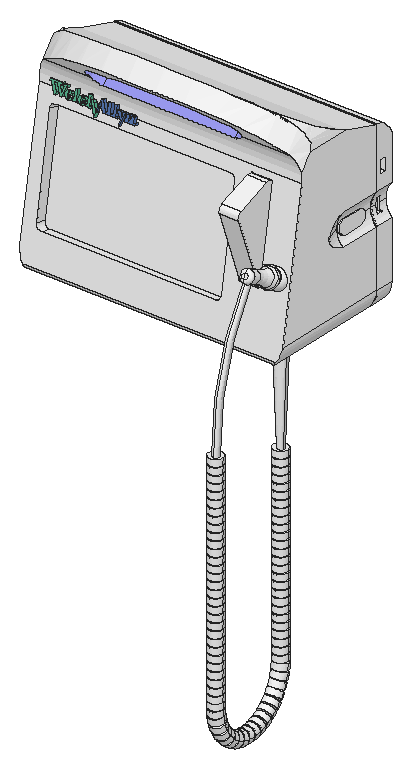
Revit family "Medical_All_Hill-Rom_Connex-Vital-Signs-Monitor", category Specialty Equipment, Revit 2015 (continued)
Forms (in)
  Extrusion 165, solid, material "Plastic-Hill-Rom-Light Green_logo" <- "Logo Material_Green", detail levels fine
    sketch origin (-29.93284, -12.13715, -53.42421) x (1, 0, 0) y (0, 0.173648, 0.984808)
      loop
        arc (28.12012, 55.80328) -> (28.10524, 55.77745) -> (28.07791, 55.76556) r 0.04753
        arc (28.07791, 55.76556) -> (28.0564, 55.77141) -> (28.04717, 55.7917) r 0.02622
        line (28.04717, 55.7917) -> (28.04717, 55.88425)
        arc (28.04717, 55.88425) -> (28.06462, 55.89743) -> (28.08235, 55.88461) r 0.0184
        line (28.08235, 55.88461) -> (28.08235, 55.84725) -> (28.14029, 55.84725)
        arc (28.14029, 55.84725) -> (28.12758, 55.88382) -> (28.09691, 55.90745) r 0.06772
        arc (28.09691, 55.90745) -> (28.06073, 55.91211) -> (28.02559, 55.90227) r 0.09156
      loop
        arc (28.24099, 55.88497) -> (28.26069, 55.88452) -> (28.27354, 55.86958) r 0.02421
        line (28.27354, 55.86958) -> (28.35782, 55.61154) -> (28.38773, 55.6979) -> (28.33412, 55.86279)
        arc (28.33412, 55.86279) -> (28.3103, 55.89313) -> (28.27354, 55.90486) r 0.06566
        line (28.27354, 55.90486) -> (28.24099, 55.90486) -> (28.24099, 55.99227) -> (28.18605, 55.98824) -> (28.18605, 55.782) -> (28.15469, 55.782) -> (28.15469, 55.74641) -> (28.27235, 55.74641) -> (28.27235, 55.782) -> (28.24099, 55.782) -> (28.24099, 55.88497)
    from 0 to 0.0625
  Extrusion 166, solid, material "Plastic-Hill-Rom-Light Blue_logo" <- "Logo Material_Blue", detail levels fine
    sketch origin (-30.3399, -12.0887, -53.14943) x (1, 0, 0) y (0, 0.173648, 0.984808)
      loop
        line (28.86973, 55.71019) -> (28.7912, 55.48645) -> (28.80426, 55.44621) -> (28.83366, 55.53109) -> (28.90706, 55.53109) -> (28.92722, 55.46355) -> (29.24756, 55.46355) -> (29.24756, 55.50298) -> (29.21619, 55.50298) -> (29.21619, 55.59003) -> (29.24971, 55.59003) -> (29.31323, 55.45211) -> (29.28327, 55.37707) -> (29.29465, 55.33308) -> (29.39587, 55.59003) -> (29.43306, 55.59003) -> (29.43306, 55.50298) -> (29.40162, 55.50298) -> (29.40162, 55.46345) -> (29.63392, 55.46345) -> (29.63392, 55.50298) -> (29.60256, 55.50298) -> (29.60256, 55.59647)
        arc (29.60256, 55.59647) -> (29.59713, 55.61278) -> (29.58541, 55.62537) r 0.04051
        arc (29.58541, 55.62537) -> (29.56004, 55.63183) -> (29.53394, 55.62965) r 0.07909
        arc (29.53394, 55.62965) -> (29.5105, 55.61463) -> (29.49431, 55.59199) r 0.07373
        line (29.49431, 55.59199) -> (29.49431, 55.62561) -> (29.21619, 55.62561) -> (29.21619, 55.70331) -> (29.154, 55.69875) -> (29.154, 55.50298) -> (29.10099, 55.50298) -> (29.10099, 55.70331) -> (29.03879, 55.69875) -> (29.03879, 55.50298) -> (28.99227, 55.50298) -> (28.92173, 55.71019) -> (28.86973, 55.71019)
      loop
        line (29.49411, 55.50298) -> (29.54151, 55.50298) -> (29.54151, 55.58863)
        arc (29.54151, 55.58863) -> (29.52803, 55.5975) -> (29.51286, 55.59201) r 0.018
        arc (29.51286, 55.59201) -> (29.49904, 55.56983) -> (29.49411, 55.54417) r 0.07147
        line (29.49411, 55.54417) -> (29.49411, 55.50298)
      loop
        line (29.3673, 55.59003) -> (29.31688, 55.59003) -> (29.34394, 55.52749) -> (29.3673, 55.59003)
      loop
        line (28.87308, 55.64491) -> (28.8412, 55.55287) -> (28.90056, 55.55287) -> (28.87308, 55.64491)
    from 0 to 0.0625
  Extrusion 167, solid, material "Plastic-Hill-Rom-Light Green_logo" <- "Logo Material_Green", not visible, detail levels fine
    sketch origin (-17.1503, -1.98791, 0.75) x (1, 0, 0) y (0, 0, 1)
      loop
        line (27.46839, 55.74742) -> (27.50617, 55.74742) -> (27.52203, 55.79839) -> (27.46145, 55.95908) -> (27.51596, 55.95908) -> (27.59105, 55.74742) -> (27.62848, 55.74742) -> (27.70438, 55.95908) -> (27.73684, 55.95908) -> (27.73684, 55.99467) -> (27.64479, 55.99467) -> (27.64479, 55.95908) -> (27.67702, 55.95908) -> (27.6312, 55.83237) -> (27.58719, 55.95908) -> (27.61942, 55.95908) -> (27.61942, 55.99467) -> (27.3538, 55.99467) -> (27.3538, 55.95908) -> (27.38603, 55.95908) -> (27.46839, 55.74742)
      loop
        arc (27.74147, 55.7462) -> (27.79347, 55.74032) -> (27.84177, 55.76046) r 0.10417
        arc (27.84177, 55.76046) -> (27.8537, 55.77346) -> (27.86177, 55.78915) r 0.06614
        line (27.86177, 55.78915) -> (27.83399, 55.80328)
        arc (27.83399, 55.80328) -> (27.81911, 55.77745) -> (27.79178, 55.76556) r 0.04753
        arc (27.79178, 55.76556) -> (27.77027, 55.77141) -> (27.76103, 55.7917) r 0.02622
        line (27.76103, 55.7917) -> (27.76103, 55.83077) -> (27.85287, 55.83077)
        arc (27.85287, 55.83077) -> (27.84587, 55.87682) -> (27.81078, 55.90745) r 0.06772
        arc (27.81078, 55.90745) -> (27.7746, 55.91211) -> (27.73946, 55.90227) r 0.09156
        arc (27.73946, 55.90227) -> (27.71071, 55.87625) -> (27.69575, 55.84048) r 0.08904
        arc (27.69575, 55.84048) -> (27.69437, 55.8212) -> (27.69632, 55.80196) r 0.11226
        arc (27.69632, 55.80196) -> (27.71156, 55.76814) -> (27.74147, 55.7462) r 0.07284
      loop
        arc (27.79622, 55.88461) -> (27.77849, 55.89743) -> (27.76103, 55.88425) r 0.0184
        line (27.76103, 55.88425) -> (27.76103, 55.84725) -> (27.79622, 55.84725) -> (27.79622, 55.88461)
      loop
        line (27.89788, 55.98824) -> (27.89788, 55.782) -> (27.86262, 55.782) -> (27.86262, 55.74641) -> (27.98028, 55.74641) -> (27.98028, 55.782) -> (27.94892, 55.782) -> (27.94892, 55.99198) -> (27.89788, 55.98824)
      loop
        arc (28.02559, 55.90227) -> (27.99684, 55.87625) -> (27.98188, 55.84048) r 0.08904
        arc (27.98188, 55.84048) -> (27.9805, 55.8212) -> (27.98245, 55.80196) r 0.11226
        arc (27.98245, 55.80196) -> (27.99769, 55.76814) -> (28.0276, 55.7462) r 0.07284
        arc (28.0276, 55.7462) -> (28.07144, 55.73949) -> (28.11409, 55.75161) r 0.10417
        arc (28.11409, 55.75161) -> (28.13472, 55.76703) -> (28.1479, 55.78915) r 0.06614
        line (28.1479, 55.78915) -> (28.12012, 55.80328)
        arc (28.12012, 55.80328) -> (28.10524, 55.77745) -> (28.07791, 55.76556) r 0.04753
        arc (28.07791, 55.76556) -> (28.0564, 55.77141) -> (28.04717, 55.7917) r 0.02622
        line (28.04717, 55.7917) -> (28.04717, 55.88425)
        arc (28.04717, 55.88425) -> (28.06462, 55.89743) -> (28.08235, 55.88461) r 0.0184
        line (28.08235, 55.88461) -> (28.08235, 55.84725) -> (28.14029, 55.84725)
        arc (28.14029, 55.84725) -> (28.12758, 55.88382) -> (28.09691, 55.90745) r 0.06772
        arc (28.09691, 55.90745) -> (28.06073, 55.91211) -> (28.02559, 55.90227) r 0.09156
      loop
        arc (28.24099, 55.88497) -> (28.26069, 55.88452) -> (28.27354, 55.86958) r 0.02421
        line (28.27354, 55.86958) -> (28.35782, 55.61154) -> (28.38773, 55.6979) -> (28.33412, 55.86279)
        arc (28.33412, 55.86279) -> (28.3103, 55.89313) -> (28.27354, 55.90486) r 0.06566
        line (28.27354, 55.90486) -> (28.24099, 55.90486) -> (28.24099, 55.99227) -> (28.18605, 55.98824) -> (28.18605, 55.782) -> (28.15469, 55.782) -> (28.15469, 55.74641) -> (28.27235, 55.74641) -> (28.27235, 55.782) -> (28.24099, 55.782) -> (28.24099, 55.88497)
    from 0 to 0.0625
  Extrusion 168, solid, material "Plastic-Hill-Rom-Light Blue_logo" <- "Logo Material_Blue", not visible, detail levels fine
    sketch origin (-17.55736, -1.98791, 1.02902) x (1, 0, 0) y (0, 0, 1)
      loop
        line (28.86973, 55.71019) -> (28.7912, 55.48645) -> (28.80426, 55.44621) -> (28.83366, 55.53109) -> (28.90706, 55.53109) -> (28.92722, 55.46355) -> (29.24756, 55.46355) -> (29.24756, 55.50298) -> (29.21619, 55.50298) -> (29.21619, 55.59003) -> (29.24971, 55.59003) -> (29.31323, 55.45211) -> (29.28327, 55.37707) -> (29.29465, 55.33308) -> (29.39587, 55.59003) -> (29.43306, 55.59003) -> (29.43306, 55.50298) -> (29.40162, 55.50298) -> (29.40162, 55.46345) -> (29.63392, 55.46345) -> (29.63392, 55.50298) -> (29.60256, 55.50298) -> (29.60256, 55.59647)
        arc (29.60256, 55.59647) -> (29.59713, 55.61278) -> (29.58541, 55.62537) r 0.04051
        arc (29.58541, 55.62537) -> (29.56004, 55.63183) -> (29.53394, 55.62965) r 0.07909
        arc (29.53394, 55.62965) -> (29.5105, 55.61463) -> (29.49431, 55.59199) r 0.07373
        line (29.49431, 55.59199) -> (29.49431, 55.62561) -> (29.21619, 55.62561) -> (29.21619, 55.70331) -> (29.154, 55.69875) -> (29.154, 55.50298) -> (29.10099, 55.50298) -> (29.10099, 55.70331) -> (29.03879, 55.69875) -> (29.03879, 55.50298) -> (28.99227, 55.50298) -> (28.92173, 55.71019) -> (28.86973, 55.71019)
      loop
        line (29.49411, 55.50298) -> (29.54151, 55.50298) -> (29.54151, 55.58863)
        arc (29.54151, 55.58863) -> (29.52803, 55.5975) -> (29.51286, 55.59201) r 0.018
        arc (29.51286, 55.59201) -> (29.49904, 55.56983) -> (29.49411, 55.54417) r 0.07147
        line (29.49411, 55.54417) -> (29.49411, 55.50298)
      loop
        line (29.3673, 55.59003) -> (29.31688, 55.59003) -> (29.34394, 55.52749) -> (29.3673, 55.59003)
      loop
        line (28.87308, 55.64491) -> (28.8412, 55.55287) -> (28.90056, 55.55287) -> (28.87308, 55.64491)
    from 0 to 0.0625
  Extrusion 169, void
    sketch origin (0, 0, 0) x (0, 1, 0) y (0, 0, 1)
      loop
        circle (-0.65985, -0.51924) r 0.07624
      loop
        circle (-0.75376, 0.15551) r 0.07624
    from -3.19532 to -2.66818
  Extrusion 170, void
    sketch origin (0, 0, 0) x (0, 1, 0) y (0, 0, 1)
      loop
        line (-0.31995, 0.8192) -> (-0.15632, 0.8192) -> (-0.15632, 1.10621) -> (-0.31995, 1.10621) -> (-0.31995, 0.8192)
      loop
        line (-0.27854, 0.30289) -> (-0.27854, -0.019) -> (-0.15632, -0.019) -> (-0.15632, 0.30289) -> (-0.27854, 0.30289)
    from 3.09696 to 2.63948
  Extrusion 171, void
    sketch origin (0, 0, 0) x (1, 0, 0) y (0, 0, 1)
      loop
        line (-0.82343, -1.62891) -> (-0.69671, -1.62891) -> (-0.59233, -1.52453) -> (-0.59233, -1.37121) -> (-0.69671, -1.26684) -> (-0.82343, -1.26684) -> (-0.82343, -1.62891)
    from -1.67063 to 0.15632
Cuts and joins
  Extrusion 154, Extrusion 155, Extrusion 157, Sweep 158, Extrusion 160, Extrusion 169, Extrusion 170, Extrusion 171 cuts Extrusion 153
  Extrusion 169 cuts Extrusion 159
Lines and regions (in)
  symbolic lines
    curve 1: line (-2.84449, 0, 0) -> (2.84449, 0, 0)
    curve 2: line (-2.84449, -3, 0) -> (-2.84449, 0, 0)
    curve 4: line (2.84449, 0, 0) -> (2.84449, -3, 0)
  symbolic lines, detail levels coarse
    curve 3: line (2.84449, -3, 0) -> (-2.84449, -3, 0)
  symbolic lines, detail levels medium+fine
    curve 5: arc (-1.73331, -2.69898, 0) -> (-2.31055, -2.44703, 0) -> (-2.84449, -2.11296, 0) r 4.27277
    curve 6: arc (-1.73331, -2.69898, 0) -> (-0.87435, -2.87184, 0) -> (0, -2.92861, 0) r 6.55577
    curve 7: arc (1.73331, -2.69898, 0) -> (2.31055, -2.44703, 0) -> (2.84449, -2.11296, 0) r 4.27277
    curve 8: arc (1.73331, -2.69898, 0) -> (0.87435, -2.87184, 0) -> (0, -2.92861, 0) r 6.55577
    curve 9: arc (-1.84528, -2.96599, 0) -> (-0.93089, -3.15397, 0) -> (0.00059, -3.21575, 0) r 6.84291
    curve 10: arc (-1.84528, -2.96599, 0) -> (-2.36027, -2.74648, 0) -> (-2.84449, -2.46554, 0) r 4.56183
    curve 11: arc (1.81918, -2.97518, 0) -> (2.34789, -2.75265, 0) -> (2.84449, -2.46554, 0) r 4.56183
    curve 12: arc (1.81918, -2.97518, 0) -> (0.91746, -3.15771, 0) -> (-0.00059, -3.21767, 0) r 6.84483
    curve 13: line (-2.84449, -3, 0) -> (-2.75051, -3.02283, 0)
    curve 14: line (-2.75051, -3.02283, 0) -> (-1.62679, -3.02283, 0)
    curve 17: spline (-1.50242, -2.48618, 0) -> (-1.55656, -2.46691, 0) -> (-1.60365, -2.43766, 0) -> (-1.6411, -2.40004, 0) -> (-1.66682, -2.35614, 0) -> (-1.67938, -2.3084, 0) -> (-1.6781, -2.25946, 0) -> (-1.66304, -2.21202, 0) -> (-1.63504, -2.16872, 0) -> (-1.59565, -2.13196, 0) -> (-1.54705, -2.10377, 0) -> (-1.49193, -2.08571, 0) -> (-1.43335, -2.07879, 0)
    curve 18: line (-1.43335, -2.07879, 0) -> (1.44247, -2.07879, 0)
    curve 19: spline (1.44247, -2.07879, 0) -> (1.50097, -2.08567, 0) -> (1.55593, -2.10368, 0) -> (1.60429, -2.13184, 0) -> (1.64337, -2.16858, 0) -> (1.67103, -2.21188, 0) -> (1.68571, -2.25932, 0) -> (1.68662, -2.3083, 0) -> (1.6737, -2.35609, 0) -> (1.64766, -2.40005, 0) -> (1.60995, -2.43776, 0) -> (1.56266, -2.46711, 0) -> (1.5084, -2.48649, 0)
    curve 20: spline (1.5084, -2.48649, 0) -> (1.26194, -2.53516, 0) -> (1.01307, -2.57511, 0) -> (0.76225, -2.60625, 0) -> (0.50997, -2.62853, 0) -> (0.25671, -2.6419, 0) -> (0.00296, -2.64635, 0) -> (-0.25078, -2.64185, 0) -> (-0.50403, -2.62842, 0) -> (-0.7563, -2.60609, 0) -> (-1.00711, -2.5749, 0) -> (-1.25598, -2.5349, 0) -> (-1.50242, -2.48618, 0)
    curve 21: line (2.84449, -1.22094, 0) -> (2.23123, -2.48781, 0)
    curve 22: line (-2.25294, -2.47686, 0) -> (-2.84449, -1.22094, 0)
  symbolic lines, detail levels medium
    curve 15: line (2.84449, -3, 0) -> (2.75051, -3.02283, 0)
    curve 16: line (2.75051, -3.02283, 0) -> (1.63492, -3.02283, 0)
  symbolic lines, detail levels fine
    curve 23: spline (2.30981, -3.4748, 0) -> (2.31051, -3.47171, 0) -> (2.31313, -3.46849, 0) -> (2.31764, -3.46519, 0) -> (2.32397, -3.46183, 0) -> (2.33206, -3.45846, 0) -> (2.3418, -3.45513, 0) -> (2.35307, -3.45187, 0) -> (2.36574, -3.44872, 0) -> (2.37964, -3.44574, 0) -> (2.3946, -3.44294, 0) -> (2.41044, -3.44036, 0) -> (2.42696, -3.43805, 0)
    curve 24: line (2.30552, -3.42574, 0) -> (2.42696, -3.41512, 0)
    curve 25: line (2.4322, -3.28918, 0) -> (2.29463, -3.30122, 0)
    curve 26: spline (2.43152, -3.26881, 0) -> (2.4128, -3.26988, 0) -> (2.39457, -3.27052, 0) -> (2.37711, -3.27071, 0) -> (2.36067, -3.27046, 0) -> (2.3455, -3.26976, 0) -> (2.33182, -3.26862, 0) -> (2.31983, -3.26707, 0) -> (2.30971, -3.26513, 0) -> (2.30162, -3.26282, 0) -> (2.29566, -3.26017, 0) -> (2.29194, -3.25724, 0) -> (2.2905, -3.25406, 0)
    curve 27: spline (2.27977, -3.13142, 0) -> (2.28113, -3.13451, 0) -> (2.28462, -3.13736, 0) -> (2.29021, -3.13994, 0) -> (2.2978, -3.14221, 0) -> (2.30731, -3.14415, 0) -> (2.31859, -3.14572, 0) -> (2.33149, -3.1469, 0) -> (2.34583, -3.14768, 0) -> (2.36141, -3.14805, 0) -> (2.37802, -3.148, 0) -> (2.39543, -3.14753, 0) -> (2.41339, -3.14665, 0)
    curve 28: spline (2.40864, -3.1288, 0) -> (2.39095, -3.12889, 0) -> (2.37381, -3.12824, 0) -> (2.35745, -3.12686, 0) -> (2.34209, -3.12477, 0) -> (2.32793, -3.12199, 0) -> (2.31517, -3.11857, 0) -> (2.30398, -3.11455, 0) -> (2.2945, -3.10999, 0) -> (2.28687, -3.10494, 0) -> (2.28118, -3.09947, 0) -> (2.27752, -3.09366, 0) -> (2.27593, -3.08758, 0)
    curve 29: spline (2.32487, -3.64689, 0) -> (2.32525, -3.64118, 0) -> (2.32737, -3.63539, 0) -> (2.33121, -3.62957, 0) -> (2.33672, -3.62379, 0) -> (2.34384, -3.61812, 0) -> (2.3525, -3.61262, 0) -> (2.36259, -3.60735, 0) -> (2.374, -3.60237, 0) -> (2.38661, -3.59773, 0) -> (2.40028, -3.5935, 0) -> (2.41484, -3.5897, 0) -> (2.43014, -3.5864, 0)
    curve 30: spline (2.42071, -3.56307, 0) -> (2.40621, -3.56542, 0) -> (2.39244, -3.56796, 0) -> (2.37954, -3.57066, 0) -> (2.36764, -3.5735, 0) -> (2.35686, -3.57644, 0) -> (2.34732, -3.57947, 0) -> (2.33912, -3.58253, 0) -> (2.33233, -3.58561, 0) -> (2.32703, -3.58867, 0) -> (2.32328, -3.59169, 0) -> (2.32111, -3.59462, 0) -> (2.32054, -3.59743, 0)
    curve 31: spline (2.33934, -3.81226, 0) -> (2.3398, -3.80186, 0) -> (2.34298, -3.7914, 0) -> (2.34883, -3.78106, 0) -> (2.35724, -3.77104, 0) -> (2.36807, -3.7615, 0) -> (2.38112, -3.75261, 0) -> (2.39617, -3.74452, 0) -> (2.41295, -3.73738, 0) -> (2.43117, -3.73132, 0) -> (2.45051, -3.72643, 0) -> (2.47063, -3.72281, 0) -> (2.49117, -3.72052, 0)
    curve 32: spline (2.6466, -3.73665, 0) -> (2.64615, -3.73392, 0) -> (2.64528, -3.73122, 0) -> (2.644, -3.72858, 0) -> (2.64231, -3.72599, 0) -> (2.64022, -3.72347, 0) -> (2.63772, -3.72102, 0) -> (2.63483, -3.71865, 0) -> (2.63156, -3.71637, 0) -> (2.6279, -3.71417, 0) -> (2.62388, -3.71208, 0) -> (2.61951, -3.71008, 0) -> (2.61479, -3.70819, 0)
    curve 33: spline (2.66027, -3.89285, 0) -> (2.65955, -3.88807, 0) -> (2.65824, -3.88336, 0) -> (2.65634, -3.87873, 0) -> (2.65387, -3.87422, 0) -> (2.65082, -3.86982, 0) -> (2.64722, -3.86557, 0) -> (2.64307, -3.86147, 0) -> (2.63839, -3.85754, 0) -> (2.63321, -3.8538, 0) -> (2.62753, -3.85026, 0) -> (2.62138, -3.84694, 0) -> (2.61479, -3.84384, 0)
    curve 34: spline (2.35278, -3.96589, 0) -> (2.35291, -3.95317, 0) -> (2.35553, -3.94044, 0) -> (2.36058, -3.92789, 0) -> (2.36799, -3.91574, 0) -> (2.37764, -3.90416, 0) -> (2.38937, -3.89335, 0) -> (2.403, -3.88348, 0) -> (2.41831, -3.87471, 0) -> (2.43506, -3.86717, 0) -> (2.45298, -3.86099, 0) -> (2.47178, -3.85626, 0) -> (2.49117, -3.85306, 0)
    curve 35: spline (2.67143, -4.05336, 0) -> (2.67267, -4.04471, 0) -> (2.67276, -4.03608, 0) -> (2.67172, -4.02754, 0) -> (2.66953, -4.01914, 0) -> (2.66623, -4.01095, 0) -> (2.66183, -4.00304, 0) -> (2.65637, -3.99544, 0) -> (2.64989, -3.98824, 0) -> (2.64243, -3.98146, 0) -> (2.63405, -3.97518, 0) -> (2.62482, -3.96942, 0) -> (2.61479, -3.96424, 0)
    curve 36: spline (2.36478, -4.1031, 0) -> (2.36466, -4.08864, 0) -> (2.3668, -4.07418, 0) -> (2.37118, -4.05995, 0) -> (2.37774, -4.04615, 0) -> (2.38637, -4.03298, 0) -> (2.39696, -4.02063, 0) -> (2.40934, -4.00928, 0) -> (2.42335, -3.9991, 0) -> (2.43876, -3.99024, 0) -> (2.45537, -3.98282, 0) -> (2.47293, -3.97695, 0) -> (2.49117, -3.97272, 0)
    curve 37: spline (2.68316, -4.17321, 0) -> (2.68362, -4.16266, 0) -> (2.68287, -4.15215, 0) -> (2.68093, -4.14179, 0) -> (2.6778, -4.13163, 0) -> (2.67351, -4.12177, 0) -> (2.66808, -4.11228, 0) -> (2.66158, -4.10323, 0) -> (2.65404, -4.09469, 0) -> (2.64552, -4.08674, 0) -> (2.63609, -4.07942, 0) -> (2.62582, -4.07279, 0) -> (2.61479, -4.06692, 0)
    curve 38: spline (2.37498, -4.21974, 0) -> (2.37466, -4.20405, 0) -> (2.37644, -4.1884, 0) -> (2.38028, -4.17298, 0) -> (2.38614, -4.158, 0) -> (2.39394, -4.14367, 0) -> (2.40357, -4.13018, 0) -> (2.41491, -4.11771, 0) -> (2.4278, -4.10642, 0) -> (2.44207, -4.09647, 0) -> (2.45753, -4.08798, 0) -> (2.47397, -4.08109, 0) -> (2.49117, -4.07586, 0)
    curve 39: spline (2.69229, -4.26933, 0) -> (2.69212, -4.25719, 0) -> (2.69069, -4.24515, 0) -> (2.68802, -4.23328, 0) -> (2.68413, -4.2217, 0) -> (2.67905, -4.2105, 0) -> (2.67283, -4.19976, 0) -> (2.66551, -4.18957, 0) -> (2.65715, -4.18001, 0) -> (2.64782, -4.17116, 0) -> (2.63759, -4.16309, 0) -> (2.62655, -4.15587, 0) -> (2.61479, -4.14955, 0)
    curve 40: arc (2.39231, -4.41778, 0) -> (2.56169, -4.5599, 0) -> (2.70381, -4.39053, 0) r 0.15634
    curve 41: arc (2.70381, -4.39053, 0) -> (2.67633, -4.31478, 0) -> (2.61479, -4.26277, 0) r 0.15634
    curve 42: spline (2.69882, -4.33885, 0) -> (2.69811, -4.32558, 0) -> (2.69613, -4.31245, 0) -> (2.69289, -4.29955, 0) -> (2.68842, -4.287, 0) -> (2.68276, -4.27488, 0) -> (2.67596, -4.26331, 0) -> (2.66807, -4.25237, 0) -> (2.65915, -4.24216, 0) -> (2.64928, -4.23276, 0) -> (2.63853, -4.22424, 0) -> (2.627, -4.21668, 0) -> (2.61479, -4.21014, 0)
    curve 43: spline (2.38308, -4.31225, 0) -> (2.38262, -4.29582, 0) -> (2.38412, -4.27942, 0) -> (2.38756, -4.26327, 0) -> (2.39288, -4.24755, 0) -> (2.40004, -4.23248, 0) -> (2.40892, -4.21823, 0) -> (2.41944, -4.20499, 0) -> (2.43145, -4.19292, 0) -> (2.4448, -4.18218, 0) -> (2.45933, -4.17289, 0) -> (2.47485, -4.16517, 0) -> (2.49117, -4.15912, 0)
    curve 44: spline (2.39059, -4.39119, 0) -> (2.38849, -4.37342, 0) -> (2.38851, -4.35551, 0) -> (2.39064, -4.33773, 0) -> (2.39484, -4.3203, 0) -> (2.40107, -4.30347, 0) -> (2.40924, -4.28746, 0) -> (2.41924, -4.27248, 0) -> (2.43093, -4.25875, 0) -> (2.44415, -4.24643, 0) -> (2.45874, -4.23571, 0) -> (2.47448, -4.22673, 0) -> (2.49117, -4.21961, 0)
    curve 45: spline (2.39188, -4.41128, 0) -> (2.39061, -4.39401, 0) -> (2.39128, -4.37671, 0) -> (2.39386, -4.35958, 0) -> (2.39834, -4.34285, 0) -> (2.40466, -4.32671, 0) -> (2.41273, -4.31138, 0) -> (2.42247, -4.29702, 0) -> (2.43374, -4.28384, 0) -> (2.44641, -4.27197, 0) -> (2.46032, -4.26159, 0) -> (2.4753, -4.2528, 0) -> (2.49117, -4.24573, 0)
    curve 46: line (1.65545, -3.01779, 0) -> (1.80112, -3.01779, 0)
    curve 47: line (1.80112, -2.98009, 0) -> (1.80112, -3.37381, 0)
    curve 48: line (1.80112, -3.37381, 0) -> (2.21492, -3.37381, 0)
    curve 49: line (2.21492, -3.37381, 0) -> (2.21492, -2.81609, 0)
    curve 50: line (2.21492, -3.01202, 0) -> (2.35408, -3.01202, 0)
    curve 51: arc (2.74509, -3.01641, 0) -> (2.7999, -2.99999, 0) -> (2.84449, -2.96413, 0) r 0.149
    curve 52: arc (2.38301, -2.87053, 0) -> (2.35258, -2.81759, 0) -> (2.33461, -2.75923, 0) r 0.27448
    curve 53: arc (2.38603, -2.73347, 0) -> (2.55458, -2.71589, 0) -> (2.72314, -2.73347, 0) r 0.81669
    curve 54: arc (2.72314, -2.73347, 0) -> (2.75002, -2.74244, 0) -> (2.77418, -2.75727, 0) r 0.12432
    curve 55: arc (2.77418, -2.75727, 0) -> (2.75748, -2.81562, 0) -> (2.72271, -2.86537, 0) r 0.18409
    curve 56: arc (2.55325, -2.7896, 0) -> (2.47337, -2.79768, 0) -> (2.40134, -2.83316, 0) r 0.22614
    curve 57: arc (2.55325, -2.7896, 0) -> (2.63639, -2.79797, 0) -> (2.71, -2.83752, 0) r 0.21417
    curve 58: arc (2.71, -2.83752, 0) -> (2.73723, -2.89473, 0) -> (2.76793, -2.95016, 0) r 1.0283
    curve 59: arc (2.40134, -2.83316, 0) -> (2.37194, -2.89178, 0) -> (2.33978, -2.94894, 0) r 1.37427
    curve 60: arc (2.33978, -2.94894, 0) -> (2.34063, -2.991, 0) -> (2.36815, -3.02283, 0) r 0.06198
    curve 61: spline (2.53983, -2.90337, 0) -> (2.52385, -2.90495, 0) -> (2.508, -2.90692, 0) -> (2.49241, -2.90927, 0) -> (2.47718, -2.91198, 0) -> (2.4624, -2.91505, 0) -> (2.44818, -2.91843, 0) -> (2.43462, -2.92212, 0) -> (2.42181, -2.92608, 0) -> (2.40984, -2.93029, 0) -> (2.39878, -2.93472, 0) -> (2.38871, -2.93935, 0) -> (2.3797, -2.94413, 0)
    curve 62: arc (2.37975, -2.94422, 0) -> (2.35479, -2.97935, 0) -> (2.36531, -3.02114, 0) r 0.05144
    curve 63: spline (2.53983, -2.90337, 0) -> (2.55934, -2.90367, 0) -> (2.57865, -2.90456, 0) -> (2.59757, -2.90604, 0) -> (2.61591, -2.90809, 0) -> (2.63349, -2.91069, 0) -> (2.65014, -2.91382, 0) -> (2.66568, -2.91744, 0) -> (2.67996, -2.92152, 0) -> (2.69284, -2.92601, 0) -> (2.70418, -2.93087, 0) -> (2.71388, -2.93606, 0) -> (2.72184, -2.94152, 0)
    curve 64: arc (2.72184, -2.94152, 0) -> (2.75183, -2.97747, 0) -> (2.74027, -3.02283, 0) r 0.05144
    curve 65: arc (2.76793, -2.95016, 0) -> (2.76644, -2.9916, 0) -> (2.73916, -3.02283, 0) r 0.06198
    curve 66: arc (2.36815, -3.02283, 0) -> (2.42453, -3.20124, 0) -> (2.42604, -3.38833, 0) r 0.63009
    curve 67: arc (2.74027, -3.02283, 0) -> (2.68149, -3.18991, 0) -> (2.67958, -3.36702, 0) r 0.54315
    curve 68: arc (2.67958, -3.36702, 0) -> (2.68017, -3.45742, 0) -> (2.68903, -3.54739, 0) r 0.98609
    curve 69: arc (2.68903, -3.54739, 0) -> (2.66545, -3.60214, 0) -> (2.61346, -3.63132, 0) r 0.093
    curve 70: arc (2.61346, -3.63132, 0) -> (2.54859, -3.63734, 0) -> (2.48373, -3.63132, 0) r 0.35232
    curve 71: arc (2.48373, -3.63132, 0) -> (2.43738, -3.59749, 0) -> (2.41764, -3.54362, 0) r 0.09883
    curve 72: arc (2.41764, -3.54362, 0) -> (2.42599, -3.4662, 0) -> (2.42604, -3.38833, 0) r 0.73
    curve 73: line (2.27593, -3.08758, 0) -> (2.26932, -3.01202, 0)
    curve 74: line (2.27977, -3.13142, 0) -> (2.2905, -3.25406, 0)
    curve 75: line (2.29463, -3.30122, 0) -> (2.30552, -3.42574, 0)
    curve 76: line (2.30981, -3.4748, 0) -> (2.32054, -3.59743, 0)
    curve 77: line (2.32487, -3.64689, 0) -> (2.3351, -3.76391, 0)
    curve 78: line (2.33934, -3.81226, 0) -> (2.34877, -3.9201, 0)
    curve 79: line (2.35278, -3.96589, 0) -> (2.3606, -4.05533, 0)
    curve 80: line (2.36478, -4.1031, 0) -> (2.37084, -4.17241, 0)
    curve 81: line (2.37498, -4.21974, 0) -> (2.38122, -4.29102, 0)
    curve 82: line (2.38308, -4.31225, 0) -> (2.38627, -4.34872, 0)
    curve 83: line (2.6983, -4.32758, 0) -> (2.69457, -4.28499, 0)
    curve 84: line (2.69193, -4.25475, 0) -> (2.68648, -4.19249, 0)
    curve 85: line (2.68328, -4.15589, 0) -> (2.67628, -4.07585, 0)
    curve 86: line (2.66427, -3.93864, 0) -> (2.67262, -4.03403, 0)
    curve 87: line (2.66027, -3.89285, 0) -> (2.65083, -3.78501, 0)
    curve 88: line (2.6466, -3.73665, 0) -> (2.63624, -3.62391, 0)
    curve 89: line (2.49117, -3.63263, 0) -> (2.49117, -4.39551, 0)
    curve 90: arc (2.49117, -4.39551, 0) -> (2.54607, -4.46777, 0) -> (2.61479, -4.4085, 0) r 0.06227
    curve 91: line (2.61479, -4.4085, 0) -> (2.61479, -3.63107, 0)
    curve 92: arc (2.49117, -4.25853, 0) -> (2.41523, -4.3217, 0) -> (2.39231, -4.41778, 0) r 0.15634
    curve 93: spline (2.61479, -4.25084, 0) -> (2.62713, -4.25745, 0) -> (2.63883, -4.26514, 0) -> (2.64979, -4.27385, 0) -> (2.65993, -4.28349, 0) -> (2.66915, -4.29401, 0) -> (2.67739, -4.3053, 0) -> (2.68459, -4.31729, 0) -> (2.69067, -4.32986, 0) -> (2.6956, -4.34294, 0) -> (2.69933, -4.3564, 0) -> (2.70184, -4.37014, 0) -> (2.7031, -4.38405, 0)
    curve 94: spline (2.61479, -4.22643, 0) -> (2.62735, -4.23336, 0) -> (2.63921, -4.24139, 0) -> (2.65026, -4.25047, 0) -> (2.66042, -4.26051, 0) -> (2.66959, -4.27143, 0) -> (2.6777, -4.28315, 0) -> (2.68468, -4.29555, 0) -> (2.69047, -4.30853, 0) -> (2.69502, -4.32199, 0) -> (2.69829, -4.33581, 0) -> (2.70025, -4.34987, 0) -> (2.70089, -4.36405, 0)
    curve 95: spline (2.49117, -4.20292, 0) -> (2.47441, -4.20963, 0) -> (2.45856, -4.21812, 0) -> (2.44385, -4.22826, 0) -> (2.43046, -4.23993, 0) -> (2.41859, -4.25297, 0) -> (2.4084, -4.26719, 0) -> (2.40001, -4.28242, 0) -> (2.39354, -4.29844, 0) -> (2.38909, -4.31503, 0) -> (2.3867, -4.33198, 0) -> (2.38642, -4.34905, 0) -> (2.38824, -4.36602, 0)
    curve 96: spline (2.61479, -4.1694, 0) -> (2.62569, -4.17555, 0) -> (2.63601, -4.18253, 0) -> (2.64568, -4.19028, 0) -> (2.65463, -4.19876, 0) -> (2.66282, -4.2079, 0) -> (2.67017, -4.21765, 0) -> (2.67665, -4.22794, 0) -> (2.6822, -4.2387, 0) -> (2.6868, -4.24986, 0) -> (2.69041, -4.26135, 0) -> (2.69301, -4.27309, 0) -> (2.69457, -4.28499, 0)
    curve 97: spline (2.49117, -4.13957, 0) -> (2.47333, -4.14567, 0) -> (2.45642, -4.15358, 0) -> (2.44069, -4.1632, 0) -> (2.42638, -4.17437, 0) -> (2.41369, -4.18694, 0) -> (2.40282, -4.20072, 0) -> (2.39393, -4.2155, 0) -> (2.38714, -4.23106, 0) -> (2.38257, -4.24717, 0) -> (2.38027, -4.2636, 0) -> (2.38028, -4.2801, 0) -> (2.3826, -4.29643, 0)
    curve 98: spline (2.61479, -4.09005, 0) -> (2.6247, -4.09581, 0) -> (2.63404, -4.10222, 0) -> (2.64278, -4.10925, 0) -> (2.65084, -4.11686, 0) -> (2.65819, -4.125, 0) -> (2.66477, -4.13362, 0) -> (2.67056, -4.14268, 0) -> (2.67552, -4.15211, 0) -> (2.67961, -4.16187, 0) -> (2.68281, -4.17189, 0) -> (2.68511, -4.18212, 0) -> (2.68648, -4.19249, 0)
    curve 99: spline (2.49117, -4.05417, 0) -> (2.47196, -4.05943, 0) -> (2.45366, -4.06651, 0) -> (2.4366, -4.07529, 0) -> (2.42104, -4.08565, 0) -> (2.40725, -4.09739, 0) -> (2.39546, -4.11033, 0) -> (2.38586, -4.12426, 0) -> (2.37861, -4.13894, 0) -> (2.37383, -4.15412, 0) -> (2.3716, -4.16956, 0) -> (2.37196, -4.185, 0) -> (2.37491, -4.20018, 0)
    curve 100: spline (2.61479, -3.99047, 0) -> (2.62341, -3.99556, 0) -> (2.63151, -4.00113, 0) -> (2.63905, -4.00715, 0) -> (2.64599, -4.01359, 0) -> (2.65228, -4.02041, 0) -> (2.65791, -4.02758, 0) -> (2.66284, -4.03507, 0) -> (2.66705, -4.04284, 0) -> (2.67051, -4.05084, 0) -> (2.67321, -4.05903, 0) -> (2.67514, -4.06739, 0) -> (2.67628, -4.07585, 0)
    curve 101: spline (2.49117, -3.94963, 0) -> (2.47029, -3.95391, 0) -> (2.45028, -3.95998, 0) -> (2.43154, -3.96771, 0) -> (2.41441, -3.97695, 0) -> (2.39923, -3.98753, 0) -> (2.38627, -3.99925, 0) -> (2.37579, -4.01189, 0) -> (2.36799, -4.02521, 0) -> (2.363, -4.03895, 0) -> (2.36093, -4.05286, 0) -> (2.36182, -4.06666, 0) -> (2.36565, -4.08011, 0)
    curve 102: spline (2.61479, -3.87309, 0) -> (2.62185, -3.87725, 0) -> (2.62845, -3.88171, 0) -> (2.63456, -3.88647, 0) -> (2.64016, -3.89149, 0) -> (2.64523, -3.89675, 0) -> (2.64974, -3.90225, 0) -> (2.65368, -3.90794, 0) -> (2.65702, -3.91382, 0) -> (2.65976, -3.91985, 0) -> (2.66189, -3.92601, 0) -> (2.6634, -3.93228, 0) -> (2.66427, -3.93864, 0)
    curve 103: spline (2.49117, -3.82924, 0) -> (2.47155, -3.83202, 0) -> (2.45245, -3.83599, 0) -> (2.43421, -3.84111, 0) -> (2.4171, -3.84729, 0) -> (2.4014, -3.85443, 0) -> (2.38738, -3.86242, 0) -> (2.37526, -3.87111, 0) -> (2.36524, -3.88038, 0) -> (2.35747, -3.89008, 0) -> (2.35208, -3.90004, 0) -> (2.34917, -3.9101, 0) -> (2.34877, -3.9201, 0)
    curve 104: spline (2.61479, -3.74057, 0) -> (2.62003, -3.74357, 0) -> (2.62491, -3.74673, 0) -> (2.6294, -3.75004, 0) -> (2.6335, -3.7535, 0) -> (2.63719, -3.75709, 0) -> (2.64046, -3.7608, 0) -> (2.6433, -3.76462, 0) -> (2.6457, -3.76855, 0) -> (2.64766, -3.77256, 0) -> (2.64917, -3.77665, 0) -> (2.65023, -3.7808, 0) -> (2.65083, -3.78501, 0)
    curve 105: spline (2.49117, -3.6966, 0) -> (2.47042, -3.69867, 0) -> (2.45003, -3.70165, 0) -> (2.43037, -3.7055, 0) -> (2.41179, -3.71015, 0) -> (2.39461, -3.71551, 0) -> (2.37915, -3.7215, 0) -> (2.36568, -3.72799, 0) -> (2.35444, -3.73488, 0) -> (2.34562, -3.74205, 0) -> (2.3394, -3.74936, 0) -> (2.33587, -3.75669, 0) -> (2.3351, -3.76391, 0)
    curve 106: arc (2.32054, -3.59743, 0) -> (2.33548, -3.6079, 0) -> (2.35366, -3.60949, 0) r 0.03521
    curve 107: arc (2.3351, -3.76391, 0) -> (2.33944, -3.77528, 0) -> (2.34596, -3.78555, 0) r 0.06053
    curve 108: arc (2.6466, -3.73665, 0) -> (2.6432, -3.74801, 0) -> (2.63904, -3.75912, 0) r 0.17703
    curve 109: arc (2.34877, -3.9201, 0) -> (2.35083, -3.93161, 0) -> (2.35492, -3.94256, 0) r 0.065
    curve 110: arc (2.65998, -3.88964, 0) -> (2.65897, -3.90151, 0) -> (2.65671, -3.91322, 0) r 0.11306
    curve 111: arc (2.27977, -3.13142, 0) -> (2.28934, -3.12148, 0) -> (2.30011, -3.11285, 0) r 0.1062
  symbolic lines, not visible
    curve 112: line (-2.84449, 0, 0) -> (2.84449, 0, 0)
    curve 113: line (-2.84449, -3, 0) -> (-2.84449, 0, 0)
    curve 115: line (2.84449, 0, 0) -> (2.84449, -3, 0)
  symbolic lines, not visible, detail levels coarse
    curve 114: line (2.84449, -3, 0) -> (-2.84449, -3, 0)
  symbolic lines, not visible, detail levels medium+fine
    curve 116: arc (-1.73331, -2.69898, 0) -> (-2.31055, -2.44703, 0) -> (-2.84449, -2.11296, 0) r 4.27277
    curve 117: arc (-1.73331, -2.69898, 0) -> (-0.87435, -2.87184, 0) -> (0, -2.92861, 0) r 6.55577
    curve 118: arc (1.73331, -2.69898, 0) -> (2.31055, -2.44703, 0) -> (2.84449, -2.11296, 0) r 4.27277
    curve 119: arc (1.73331, -2.69898, 0) -> (0.87435, -2.87184, 0) -> (0, -2.92861, 0) r 6.55577
    curve 120: arc (-1.84528, -2.96599, 0) -> (-0.93089, -3.15397, 0) -> (0.00059, -3.21575, 0) r 6.84291
    curve 121: arc (-1.84528, -2.96599, 0) -> (-2.36027, -2.74648, 0) -> (-2.84449, -2.46554, 0) r 4.56183
    curve 122: arc (1.81918, -2.97518, 0) -> (2.34789, -2.75265, 0) -> (2.84449, -2.46554, 0) r 4.56183
    curve 123: arc (1.81918, -2.97518, 0) -> (0.91746, -3.15771, 0) -> (-0.00059, -3.21767, 0) r 6.84483
    curve 124: line (-2.84449, -3, 0) -> (-2.75051, -3.02283, 0)
    curve 125: line (-2.75051, -3.02283, 0) -> (-1.62679, -3.02283, 0)
    curve 128: spline (-1.50242, -2.48618, 0) -> (-1.55656, -2.46691, 0) -> (-1.60365, -2.43766, 0) -> (-1.6411, -2.40004, 0) -> (-1.66682, -2.35614, 0) -> (-1.67938, -2.3084, 0) -> (-1.6781, -2.25946, 0) -> (-1.66304, -2.21202, 0) -> (-1.63504, -2.16872, 0) -> (-1.59565, -2.13196, 0) -> (-1.54705, -2.10377, 0) -> (-1.49193, -2.08571, 0) -> (-1.43335, -2.07879, 0)
    curve 129: line (-1.43335, -2.07879, 0) -> (1.44247, -2.07879, 0)
    curve 130: spline (1.44247, -2.07879, 0) -> (1.50097, -2.08567, 0) -> (1.55593, -2.10368, 0) -> (1.60429, -2.13184, 0) -> (1.64337, -2.16858, 0) -> (1.67103, -2.21188, 0) -> (1.68571, -2.25932, 0) -> (1.68662, -2.3083, 0) -> (1.6737, -2.35609, 0) -> (1.64766, -2.40005, 0) -> (1.60995, -2.43776, 0) -> (1.56266, -2.46711, 0) -> (1.5084, -2.48649, 0)
    curve 131: spline (1.5084, -2.48649, 0) -> (1.26194, -2.53516, 0) -> (1.01307, -2.57511, 0) -> (0.76225, -2.60625, 0) -> (0.50997, -2.62853, 0) -> (0.25671, -2.6419, 0) -> (0.00296, -2.64635, 0) -> (-0.25078, -2.64185, 0) -> (-0.50403, -2.62842, 0) -> (-0.7563, -2.60609, 0) -> (-1.00711, -2.5749, 0) -> (-1.25598, -2.5349, 0) -> (-1.50242, -2.48618, 0)
    curve 132: line (2.84449, -1.22094, 0) -> (2.23123, -2.48781, 0)
    curve 133: line (-2.25294, -2.47686, 0) -> (-2.84449, -1.22094, 0)
  symbolic lines, not visible, detail levels medium
    curve 126: line (2.84449, -3, 0) -> (2.75051, -3.02283, 0)
    curve 127: line (2.75051, -3.02283, 0) -> (1.63492, -3.02283, 0)
  symbolic lines, not visible, detail levels fine
    curve 134: spline (2.30981, -3.4748, 0) -> (2.31051, -3.47171, 0) -> (2.31313, -3.46849, 0) -> (2.31764, -3.46519, 0) -> (2.32397, -3.46183, 0) -> (2.33206, -3.45846, 0) -> (2.3418, -3.45513, 0) -> (2.35307, -3.45187, 0) -> (2.36574, -3.44872, 0) -> (2.37964, -3.44574, 0) -> (2.3946, -3.44294, 0) -> (2.41044, -3.44036, 0) -> (2.42696, -3.43805, 0)
    curve 135: line (2.30552, -3.42574, 0) -> (2.42696, -3.41512, 0)
    curve 136: line (2.4322, -3.28918, 0) -> (2.29463, -3.30122, 0)
    curve 137: spline (2.43152, -3.26881, 0) -> (2.4128, -3.26988, 0) -> (2.39457, -3.27052, 0) -> (2.37711, -3.27071, 0) -> (2.36067, -3.27046, 0) -> (2.3455, -3.26976, 0) -> (2.33182, -3.26862, 0) -> (2.31983, -3.26707, 0) -> (2.30971, -3.26513, 0) -> (2.30162, -3.26282, 0) -> (2.29566, -3.26017, 0) -> (2.29194, -3.25724, 0) -> (2.2905, -3.25406, 0)
    curve 138: spline (2.27977, -3.13142, 0) -> (2.28113, -3.13451, 0) -> (2.28462, -3.13736, 0) -> (2.29021, -3.13994, 0) -> (2.2978, -3.14221, 0) -> (2.30731, -3.14415, 0) -> (2.31859, -3.14572, 0) -> (2.33149, -3.1469, 0) -> (2.34583, -3.14768, 0) -> (2.36141, -3.14805, 0) -> (2.37802, -3.148, 0) -> (2.39543, -3.14753, 0) -> (2.41339, -3.14665, 0)
    curve 139: spline (2.40864, -3.1288, 0) -> (2.39095, -3.12889, 0) -> (2.37381, -3.12824, 0) -> (2.35745, -3.12686, 0) -> (2.34209, -3.12477, 0) -> (2.32793, -3.12199, 0) -> (2.31517, -3.11857, 0) -> (2.30398, -3.11455, 0) -> (2.2945, -3.10999, 0) -> (2.28687, -3.10494, 0) -> (2.28118, -3.09947, 0) -> (2.27752, -3.09366, 0) -> (2.27593, -3.08758, 0)
    curve 140: spline (2.32487, -3.64689, 0) -> (2.32525, -3.64118, 0) -> (2.32737, -3.63539, 0) -> (2.33121, -3.62957, 0) -> (2.33672, -3.62379, 0) -> (2.34384, -3.61812, 0) -> (2.3525, -3.61262, 0) -> (2.36259, -3.60735, 0) -> (2.374, -3.60237, 0) -> (2.38661, -3.59773, 0) -> (2.40028, -3.5935, 0) -> (2.41484, -3.5897, 0) -> (2.43014, -3.5864, 0)
    curve 141: spline (2.42071, -3.56307, 0) -> (2.40621, -3.56542, 0) -> (2.39244, -3.56796, 0) -> (2.37954, -3.57066, 0) -> (2.36764, -3.5735, 0) -> (2.35686, -3.57644, 0) -> (2.34732, -3.57947, 0) -> (2.33912, -3.58253, 0) -> (2.33233, -3.58561, 0) -> (2.32703, -3.58867, 0) -> (2.32328, -3.59169, 0) -> (2.32111, -3.59462, 0) -> (2.32054, -3.59743, 0)
    curve 142: spline (2.33934, -3.81226, 0) -> (2.3398, -3.80186, 0) -> (2.34298, -3.7914, 0) -> (2.34883, -3.78106, 0) -> (2.35724, -3.77104, 0) -> (2.36807, -3.7615, 0) -> (2.38112, -3.75261, 0) -> (2.39617, -3.74452, 0) -> (2.41295, -3.73738, 0) -> (2.43117, -3.73132, 0) -> (2.45051, -3.72643, 0) -> (2.47063, -3.72281, 0) -> (2.49117, -3.72052, 0)
    curve 143: spline (2.6466, -3.73665, 0) -> (2.64615, -3.73392, 0) -> (2.64528, -3.73122, 0) -> (2.644, -3.72858, 0) -> (2.64231, -3.72599, 0) -> (2.64022, -3.72347, 0) -> (2.63772, -3.72102, 0) -> (2.63483, -3.71865, 0) -> (2.63156, -3.71637, 0) -> (2.6279, -3.71417, 0) -> (2.62388, -3.71208, 0) -> (2.61951, -3.71008, 0) -> (2.61479, -3.70819, 0)
    curve 144: spline (2.66027, -3.89285, 0) -> (2.65955, -3.88807, 0) -> (2.65824, -3.88336, 0) -> (2.65634, -3.87873, 0) -> (2.65387, -3.87422, 0) -> (2.65082, -3.86982, 0) -> (2.64722, -3.86557, 0) -> (2.64307, -3.86147, 0) -> (2.63839, -3.85754, 0) -> (2.63321, -3.8538, 0) -> (2.62753, -3.85026, 0) -> (2.62138, -3.84694, 0) -> (2.61479, -3.84384, 0)
    curve 145: spline (2.35278, -3.96589, 0) -> (2.35291, -3.95317, 0) -> (2.35553, -3.94044, 0) -> (2.36058, -3.92789, 0) -> (2.36799, -3.91574, 0) -> (2.37764, -3.90416, 0) -> (2.38937, -3.89335, 0) -> (2.403, -3.88348, 0) -> (2.41831, -3.87471, 0) -> (2.43506, -3.86717, 0) -> (2.45298, -3.86099, 0) -> (2.47178, -3.85626, 0) -> (2.49117, -3.85306, 0)
    curve 146: spline (2.67143, -4.05336, 0) -> (2.67267, -4.04471, 0) -> (2.67276, -4.03608, 0) -> (2.67172, -4.02754, 0) -> (2.66953, -4.01914, 0) -> (2.66623, -4.01095, 0) -> (2.66183, -4.00304, 0) -> (2.65637, -3.99544, 0) -> (2.64989, -3.98824, 0) -> (2.64243, -3.98146, 0) -> (2.63405, -3.97518, 0) -> (2.62482, -3.96942, 0) -> (2.61479, -3.96424, 0)
    curve 147: spline (2.36478, -4.1031, 0) -> (2.36466, -4.08864, 0) -> (2.3668, -4.07418, 0) -> (2.37118, -4.05995, 0) -> (2.37774, -4.04615, 0) -> (2.38637, -4.03298, 0) -> (2.39696, -4.02063, 0) -> (2.40934, -4.00928, 0) -> (2.42335, -3.9991, 0) -> (2.43876, -3.99024, 0) -> (2.45537, -3.98282, 0) -> (2.47293, -3.97695, 0) -> (2.49117, -3.97272, 0)
    curve 148: spline (2.68316, -4.17321, 0) -> (2.68362, -4.16266, 0) -> (2.68287, -4.15215, 0) -> (2.68093, -4.14179, 0) -> (2.6778, -4.13163, 0) -> (2.67351, -4.12177, 0) -> (2.66808, -4.11228, 0) -> (2.66158, -4.10323, 0) -> (2.65404, -4.09469, 0) -> (2.64552, -4.08674, 0) -> (2.63609, -4.07942, 0) -> (2.62582, -4.07279, 0) -> (2.61479, -4.06692, 0)
    curve 149: spline (2.37498, -4.21974, 0) -> (2.37466, -4.20405, 0) -> (2.37644, -4.1884, 0) -> (2.38028, -4.17298, 0) -> (2.38614, -4.158, 0) -> (2.39394, -4.14367, 0) -> (2.40357, -4.13018, 0) -> (2.41491, -4.11771, 0) -> (2.4278, -4.10642, 0) -> (2.44207, -4.09647, 0) -> (2.45753, -4.08798, 0) -> (2.47397, -4.08109, 0) -> (2.49117, -4.07586, 0)
    curve 150: spline (2.69229, -4.26933, 0) -> (2.69212, -4.25719, 0) -> (2.69069, -4.24515, 0) -> (2.68802, -4.23328, 0) -> (2.68413, -4.2217, 0) -> (2.67905, -4.2105, 0) -> (2.67283, -4.19976, 0) -> (2.66551, -4.18957, 0) -> (2.65715, -4.18001, 0) -> (2.64782, -4.17116, 0) -> (2.63759, -4.16309, 0) -> (2.62655, -4.15587, 0) -> (2.61479, -4.14955, 0)
    curve 151: arc (2.39231, -4.41778, 0) -> (2.56169, -4.5599, 0) -> (2.70381, -4.39053, 0) r 0.15634
    curve 152: arc (2.70381, -4.39053, 0) -> (2.67633, -4.31478, 0) -> (2.61479, -4.26277, 0) r 0.15634
    curve 153: spline (2.69882, -4.33885, 0) -> (2.69811, -4.32558, 0) -> (2.69613, -4.31245, 0) -> (2.69289, -4.29955, 0) -> (2.68842, -4.287, 0) -> (2.68276, -4.27488, 0) -> (2.67596, -4.26331, 0) -> (2.66807, -4.25237, 0) -> (2.65915, -4.24216, 0) -> (2.64928, -4.23276, 0) -> (2.63853, -4.22424, 0) -> (2.627, -4.21668, 0) -> (2.61479, -4.21014, 0)
    curve 154: spline (2.38308, -4.31225, 0) -> (2.38262, -4.29582, 0) -> (2.38412, -4.27942, 0) -> (2.38756, -4.26327, 0) -> (2.39288, -4.24755, 0) -> (2.40004, -4.23248, 0) -> (2.40892, -4.21823, 0) -> (2.41944, -4.20499, 0) -> (2.43145, -4.19292, 0) -> (2.4448, -4.18218, 0) -> (2.45933, -4.17289, 0) -> (2.47485, -4.16517, 0) -> (2.49117, -4.15912, 0)
    curve 155: spline (2.39059, -4.39119, 0) -> (2.38849, -4.37342, 0) -> (2.38851, -4.35551, 0) -> (2.39064, -4.33773, 0) -> (2.39484, -4.3203, 0) -> (2.40107, -4.30347, 0) -> (2.40924, -4.28746, 0) -> (2.41924, -4.27248, 0) -> (2.43093, -4.25875, 0) -> (2.44415, -4.24643, 0) -> (2.45874, -4.23571, 0) -> (2.47448, -4.22673, 0) -> (2.49117, -4.21961, 0)
    curve 156: spline (2.39188, -4.41128, 0) -> (2.39061, -4.39401, 0) -> (2.39128, -4.37671, 0) -> (2.39386, -4.35958, 0) -> (2.39834, -4.34285, 0) -> (2.40466, -4.32671, 0) -> (2.41273, -4.31138, 0) -> (2.42247, -4.29702, 0) -> (2.43374, -4.28384, 0) -> (2.44641, -4.27197, 0) -> (2.46032, -4.26159, 0) -> (2.4753, -4.2528, 0) -> (2.49117, -4.24573, 0)
    curve 157: line (1.65545, -3.01779, 0) -> (1.80112, -3.01779, 0)
    curve 158: line (1.80112, -2.98009, 0) -> (1.80112, -3.37381, 0)
    curve 159: line (1.80112, -3.37381, 0) -> (2.21492, -3.37381, 0)
    curve 160: line (2.21492, -3.37381, 0) -> (2.21492, -2.81609, 0)
    curve 161: line (2.21492, -3.01202, 0) -> (2.35408, -3.01202, 0)
    curve 162: arc (2.74509, -3.01641, 0) -> (2.7999, -2.99999, 0) -> (2.84449, -2.96413, 0) r 0.149
    curve 163: arc (2.38301, -2.87053, 0) -> (2.35258, -2.81759, 0) -> (2.33461, -2.75923, 0) r 0.27448
    curve 164: arc (2.38603, -2.73347, 0) -> (2.55458, -2.71589, 0) -> (2.72314, -2.73347, 0) r 0.81669
    curve 165: arc (2.72314, -2.73347, 0) -> (2.75002, -2.74244, 0) -> (2.77418, -2.75727, 0) r 0.12432
    curve 166: arc (2.77418, -2.75727, 0) -> (2.75748, -2.81562, 0) -> (2.72271, -2.86537, 0) r 0.18409
    curve 167: arc (2.55325, -2.7896, 0) -> (2.47337, -2.79768, 0) -> (2.40134, -2.83316, 0) r 0.22614
    curve 168: arc (2.55325, -2.7896, 0) -> (2.63639, -2.79797, 0) -> (2.71, -2.83752, 0) r 0.21417
    curve 169: arc (2.71, -2.83752, 0) -> (2.73723, -2.89473, 0) -> (2.76793, -2.95016, 0) r 1.0283
    curve 170: arc (2.40134, -2.83316, 0) -> (2.37194, -2.89178, 0) -> (2.33978, -2.94894, 0) r 1.37427
    curve 171: arc (2.33978, -2.94894, 0) -> (2.34063, -2.991, 0) -> (2.36815, -3.02283, 0) r 0.06198
    curve 172: spline (2.53983, -2.90337, 0) -> (2.52385, -2.90495, 0) -> (2.508, -2.90692, 0) -> (2.49241, -2.90927, 0) -> (2.47718, -2.91198, 0) -> (2.4624, -2.91505, 0) -> (2.44818, -2.91843, 0) -> (2.43462, -2.92212, 0) -> (2.42181, -2.92608, 0) -> (2.40984, -2.93029, 0) -> (2.39878, -2.93472, 0) -> (2.38871, -2.93935, 0) -> (2.3797, -2.94413, 0)
    curve 173: arc (2.37975, -2.94422, 0) -> (2.35479, -2.97935, 0) -> (2.36531, -3.02114, 0) r 0.05144
    curve 174: spline (2.53983, -2.90337, 0) -> (2.55934, -2.90367, 0) -> (2.57865, -2.90456, 0) -> (2.59757, -2.90604, 0) -> (2.61591, -2.90809, 0) -> (2.63349, -2.91069, 0) -> (2.65014, -2.91382, 0) -> (2.66568, -2.91744, 0) -> (2.67996, -2.92152, 0) -> (2.69284, -2.92601, 0) -> (2.70418, -2.93087, 0) -> (2.71388, -2.93606, 0) -> (2.72184, -2.94152, 0)
    curve 175: arc (2.72184, -2.94152, 0) -> (2.75183, -2.97747, 0) -> (2.74027, -3.02283, 0) r 0.05144
    curve 176: arc (2.76793, -2.95016, 0) -> (2.76644, -2.9916, 0) -> (2.73916, -3.02283, 0) r 0.06198
    curve 177: arc (2.36815, -3.02283, 0) -> (2.42453, -3.20124, 0) -> (2.42604, -3.38833, 0) r 0.63009
    curve 178: arc (2.74027, -3.02283, 0) -> (2.68149, -3.18991, 0) -> (2.67958, -3.36702, 0) r 0.54315
    curve 179: arc (2.67958, -3.36702, 0) -> (2.68017, -3.45742, 0) -> (2.68903, -3.54739, 0) r 0.98609
    curve 180: arc (2.68903, -3.54739, 0) -> (2.66545, -3.60214, 0) -> (2.61346, -3.63132, 0) r 0.093
    curve 181: arc (2.61346, -3.63132, 0) -> (2.54859, -3.63734, 0) -> (2.48373, -3.63132, 0) r 0.35232
    curve 182: arc (2.48373, -3.63132, 0) -> (2.43738, -3.59749, 0) -> (2.41764, -3.54362, 0) r 0.09883
    curve 183: arc (2.41764, -3.54362, 0) -> (2.42599, -3.4662, 0) -> (2.42604, -3.38833, 0) r 0.73
    curve 184: line (2.27593, -3.08758, 0) -> (2.26932, -3.01202, 0)
    curve 185: line (2.27977, -3.13142, 0) -> (2.2905, -3.25406, 0)
    curve 186: line (2.29463, -3.30122, 0) -> (2.30552, -3.42574, 0)
    curve 187: line (2.30981, -3.4748, 0) -> (2.32054, -3.59743, 0)
    curve 188: line (2.32487, -3.64689, 0) -> (2.3351, -3.76391, 0)
    curve 189: line (2.33934, -3.81226, 0) -> (2.34877, -3.9201, 0)
    curve 190: line (2.35278, -3.96589, 0) -> (2.3606, -4.05533, 0)
    curve 191: line (2.36478, -4.1031, 0) -> (2.37084, -4.17241, 0)
    curve 192: line (2.37498, -4.21974, 0) -> (2.38122, -4.29102, 0)
    curve 193: line (2.38308, -4.31225, 0) -> (2.38627, -4.34872, 0)
    curve 194: line (2.6983, -4.32758, 0) -> (2.69457, -4.28499, 0)
    curve 195: line (2.69193, -4.25475, 0) -> (2.68648, -4.19249, 0)
    curve 196: line (2.68328, -4.15589, 0) -> (2.67628, -4.07585, 0)
    curve 197: line (2.66427, -3.93864, 0) -> (2.67262, -4.03403, 0)
    curve 198: line (2.66027, -3.89285, 0) -> (2.65083, -3.78501, 0)
    curve 199: line (2.6466, -3.73665, 0) -> (2.63624, -3.62391, 0)
    curve 200: line (2.49117, -3.63263, 0) -> (2.49117, -4.39551, 0)
    curve 201: arc (2.49117, -4.39551, 0) -> (2.54607, -4.46777, 0) -> (2.61479, -4.4085, 0) r 0.06227
    curve 202: line (2.61479, -4.4085, 0) -> (2.61479, -3.63107, 0)
    curve 203: arc (2.49117, -4.25853, 0) -> (2.41523, -4.3217, 0) -> (2.39231, -4.41778, 0) r 0.15634
    curve 204: spline (2.61479, -4.25084, 0) -> (2.62713, -4.25745, 0) -> (2.63883, -4.26514, 0) -> (2.64979, -4.27385, 0) -> (2.65993, -4.28349, 0) -> (2.66915, -4.29401, 0) -> (2.67739, -4.3053, 0) -> (2.68459, -4.31729, 0) -> (2.69067, -4.32986, 0) -> (2.6956, -4.34294, 0) -> (2.69933, -4.3564, 0) -> (2.70184, -4.37014, 0) -> (2.7031, -4.38405, 0)
    curve 205: spline (2.61479, -4.22643, 0) -> (2.62735, -4.23336, 0) -> (2.63921, -4.24139, 0) -> (2.65026, -4.25047, 0) -> (2.66042, -4.26051, 0) -> (2.66959, -4.27143, 0) -> (2.6777, -4.28315, 0) -> (2.68468, -4.29555, 0) -> (2.69047, -4.30853, 0) -> (2.69502, -4.32199, 0) -> (2.69829, -4.33581, 0) -> (2.70025, -4.34987, 0) -> (2.70089, -4.36405, 0)
    curve 206: spline (2.49117, -4.20292, 0) -> (2.47441, -4.20963, 0) -> (2.45856, -4.21812, 0) -> (2.44385, -4.22826, 0) -> (2.43046, -4.23993, 0) -> (2.41859, -4.25297, 0) -> (2.4084, -4.26719, 0) -> (2.40001, -4.28242, 0) -> (2.39354, -4.29844, 0) -> (2.38909, -4.31503, 0) -> (2.3867, -4.33198, 0) -> (2.38642, -4.34905, 0) -> (2.38824, -4.36602, 0)
    curve 207: spline (2.61479, -4.1694, 0) -> (2.62569, -4.17555, 0) -> (2.63601, -4.18253, 0) -> (2.64568, -4.19028, 0) -> (2.65463, -4.19876, 0) -> (2.66282, -4.2079, 0) -> (2.67017, -4.21765, 0) -> (2.67665, -4.22794, 0) -> (2.6822, -4.2387, 0) -> (2.6868, -4.24986, 0) -> (2.69041, -4.26135, 0) -> (2.69301, -4.27309, 0) -> (2.69457, -4.28499, 0)
    curve 208: spline (2.49117, -4.13957, 0) -> (2.47333, -4.14567, 0) -> (2.45642, -4.15358, 0) -> (2.44069, -4.1632, 0) -> (2.42638, -4.17437, 0) -> (2.41369, -4.18694, 0) -> (2.40282, -4.20072, 0) -> (2.39393, -4.2155, 0) -> (2.38714, -4.23106, 0) -> (2.38257, -4.24717, 0) -> (2.38027, -4.2636, 0) -> (2.38028, -4.2801, 0) -> (2.3826, -4.29643, 0)
    curve 209: spline (2.61479, -4.09005, 0) -> (2.6247, -4.09581, 0) -> (2.63404, -4.10222, 0) -> (2.64278, -4.10925, 0) -> (2.65084, -4.11686, 0) -> (2.65819, -4.125, 0) -> (2.66477, -4.13362, 0) -> (2.67056, -4.14268, 0) -> (2.67552, -4.15211, 0) -> (2.67961, -4.16187, 0) -> (2.68281, -4.17189, 0) -> (2.68511, -4.18212, 0) -> (2.68648, -4.19249, 0)
    curve 210: spline (2.49117, -4.05417, 0) -> (2.47196, -4.05943, 0) -> (2.45366, -4.06651, 0) -> (2.4366, -4.07529, 0) -> (2.42104, -4.08565, 0) -> (2.40725, -4.09739, 0) -> (2.39546, -4.11033, 0) -> (2.38586, -4.12426, 0) -> (2.37861, -4.13894, 0) -> (2.37383, -4.15412, 0) -> (2.3716, -4.16956, 0) -> (2.37196, -4.185, 0) -> (2.37491, -4.20018, 0)
    curve 211: spline (2.61479, -3.99047, 0) -> (2.62341, -3.99556, 0) -> (2.63151, -4.00113, 0) -> (2.63905, -4.00715, 0) -> (2.64599, -4.01359, 0) -> (2.65228, -4.02041, 0) -> (2.65791, -4.02758, 0) -> (2.66284, -4.03507, 0) -> (2.66705, -4.04284, 0) -> (2.67051, -4.05084, 0) -> (2.67321, -4.05903, 0) -> (2.67514, -4.06739, 0) -> (2.67628, -4.07585, 0)
    curve 212: spline (2.49117, -3.94963, 0) -> (2.47029, -3.95391, 0) -> (2.45028, -3.95998, 0) -> (2.43154, -3.96771, 0) -> (2.41441, -3.97695, 0) -> (2.39923, -3.98753, 0) -> (2.38627, -3.99925, 0) -> (2.37579, -4.01189, 0) -> (2.36799, -4.02521, 0) -> (2.363, -4.03895, 0) -> (2.36093, -4.05286, 0) -> (2.36182, -4.06666, 0) -> (2.36565, -4.08011, 0)
    curve 213: spline (2.61479, -3.87309, 0) -> (2.62185, -3.87725, 0) -> (2.62845, -3.88171, 0) -> (2.63456, -3.88647, 0) -> (2.64016, -3.89149, 0) -> (2.64523, -3.89675, 0) -> (2.64974, -3.90225, 0) -> (2.65368, -3.90794, 0) -> (2.65702, -3.91382, 0) -> (2.65976, -3.91985, 0) -> (2.66189, -3.92601, 0) -> (2.6634, -3.93228, 0) -> (2.66427, -3.93864, 0)
    curve 214: spline (2.49117, -3.82924, 0) -> (2.47155, -3.83202, 0) -> (2.45245, -3.83599, 0) -> (2.43421, -3.84111, 0) -> (2.4171, -3.84729, 0) -> (2.4014, -3.85443, 0) -> (2.38738, -3.86242, 0) -> (2.37526, -3.87111, 0) -> (2.36524, -3.88038, 0) -> (2.35747, -3.89008, 0) -> (2.35208, -3.90004, 0) -> (2.34917, -3.9101, 0) -> (2.34877, -3.9201, 0)
    curve 215: spline (2.61479, -3.74057, 0) -> (2.62003, -3.74357, 0) -> (2.62491, -3.74673, 0) -> (2.6294, -3.75004, 0) -> (2.6335, -3.7535, 0) -> (2.63719, -3.75709, 0) -> (2.64046, -3.7608, 0) -> (2.6433, -3.76462, 0) -> (2.6457, -3.76855, 0) -> (2.64766, -3.77256, 0) -> (2.64917, -3.77665, 0) -> (2.65023, -3.7808, 0) -> (2.65083, -3.78501, 0)
    curve 216: spline (2.49117, -3.6966, 0) -> (2.47042, -3.69867, 0) -> (2.45003, -3.70165, 0) -> (2.43037, -3.7055, 0) -> (2.41179, -3.71015, 0) -> (2.39461, -3.71551, 0) -> (2.37915, -3.7215, 0) -> (2.36568, -3.72799, 0) -> (2.35444, -3.73488, 0) -> (2.34562, -3.74205, 0) -> (2.3394, -3.74936, 0) -> (2.33587, -3.75669, 0) -> (2.3351, -3.76391, 0)
    curve 217: arc (2.32054, -3.59743, 0) -> (2.33548, -3.6079, 0) -> (2.35366, -3.60949, 0) r 0.03521
    curve 218: arc (2.3351, -3.76391, 0) -> (2.33944, -3.77528, 0) -> (2.34596, -3.78555, 0) r 0.06053
    curve 219: arc (2.6466, -3.73665, 0) -> (2.6432, -3.74801, 0) -> (2.63904, -3.75912, 0) r 0.17703
    curve 220: arc (2.34877, -3.9201, 0) -> (2.35083, -3.93161, 0) -> (2.35492, -3.94256, 0) r 0.065
    curve 221: arc (2.65998, -3.88964, 0) -> (2.65897, -3.90151, 0) -> (2.65671, -3.91322, 0) r 0.11306
    curve 222: arc (2.27977, -3.13142, 0) -> (2.28934, -3.12148, 0) -> (2.30011, -3.11285, 0) r 0.1062
Dimensions and locks (in)
  locked: plane 1 "Center (Front/Back)" to plane 4 at 3.02283
  locked: plane 5 to plane 6 at 5.68898
  plane 6 to plane 12 to cut or joined group 1 (Extrusion 153, Extrusion 154, Extrusion 155, Extrusion 157, Sweep 158, Extrusion 160, Extrusion 169, Extrusion 170, Extrusion 171) = 0' - 0.29068", 0' - 0.76955"
  aligned and locked: Extrusion 170 sketch curve to Extrusion 170 sketch curve
  aligned and locked: plane 1 "Center (Front/Back)" to curve 1
  aligned and locked: plane 4 to curve 14
  aligned and locked: plane 5 to cut or joined group 1
  aligned and locked: plane 6 to curve 4
  aligned and locked: Revolve 1 sketch curve to Revolve 1 sketch curve
  aligned and locked: Revolve 77 sketch curve to Revolve 77 sketch curve
  aligned and locked: plane 7 to Extrusion 154 sketch curve
  aligned and locked: plane 8 to Extrusion 154 sketch curve
  aligned and locked: plane 9 to Extrusion 154 sketch curve
  aligned and locked: plane 10 to Extrusion 154 sketch curve
  aligned and locked: plane 15 to Revolve 163 sketch curve
  aligned and locked: plane 16 to Revolve 164 sketch curve
Connectors (in)
  piping at (-2.84449, -0.65985, -0.51924), diameter 0.125, driven by "CO2_OUT_Connector_Descr"
    settings: on cut or joined group 1, index 3, connector inside diameter 24", connector length 0' - 0", flow factor 0, pipe flow 0 GPM, pressure drop 0.00 psi, fitting loss kfactor 0, connector angle 0.00°, fixture units 0, engagement length 0' - 0", angle of deflection 0.00°, flow configuration 0, flow direction 2, fitting loss method 0, system type 22, joint type 0, gender type 0, connector reference index -1, connector utility 0, adjustable connector no, is connector primary yes, connector description "CO2 sampling exhaust port"
